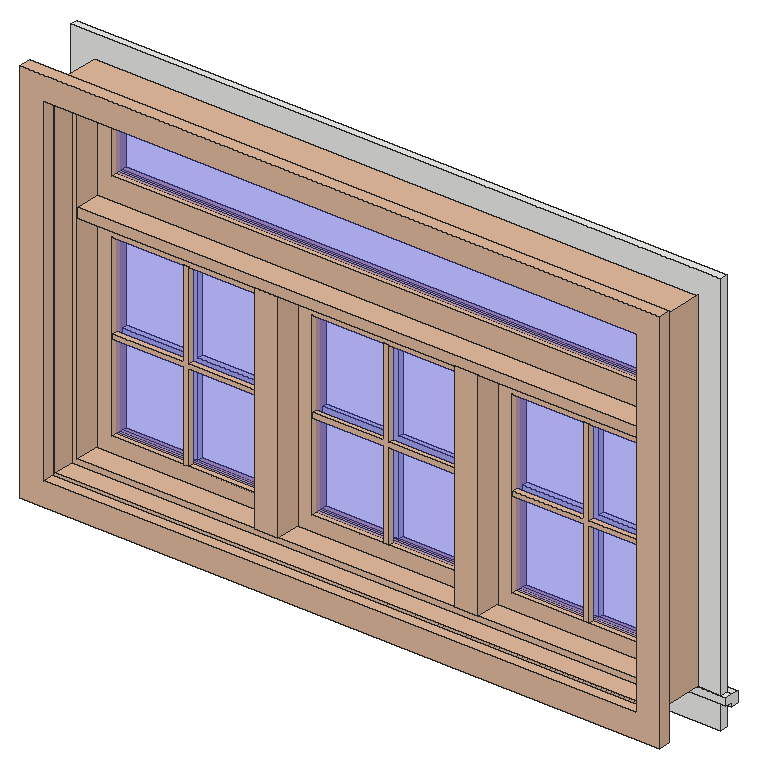
Revit family "M_Janela-batente-triplo-travessa", category Janelas, Revit 2019 (continued)
Definition of nested family "M_Plana-fixa_simples"
  Lines and regions (mm)
    symbolic lines
      curve 4: line (-600, -127, 0) -> (-587.3, -127, 0)
      curve 5: line (587.3, -127, 0) -> (600, -127, 0)
      curve 6: line (587.3, -127, 0) -> (-587.3, -127, 0)
      curve 7: line (0, -38.1, 887.3) -> (0, -127, 887.3)
      curve 8: line (0, -127, 12.7) -> (0, -127, 887.3)
      curve 9: line (0, -38.1, 12.7) -> (0, -127, 12.7)
      curve 10: line (0, -38.1, 900) -> (0, -38.1, 887.3)
      curve 11: line (0, -60.325, 12.7) -> (0, -60.325, 887.3)
      curve 12: line (587.3, -38.1, 0) -> (600, -38.1, 0)
      curve 13: line (-587.3, -38.1, 0) -> (-600, -38.1, 0)
      curve 14: line (0, -38.1, 12.7) -> (0, -38.1, 0)
      curve 15: line (-587.3, -38.1, 0) -> (587.3, -38.1, 0)
      curve 16: line (0, -38.1, 12.7) -> (0, -38.1, 887.3)
      curve 17: line (0, -127, 12.7) -> (0, -127, 0)
      curve 18: line (0, -127, 887.3) -> (0, -127, 900)
    symbolic lines, visible <- "Linha à esquerda"
      curve 19: line (-600, 0, 0) -> (-600, -150, 0)
    symbolic lines, visible <- "Linha à direita"
      curve 20: line (600, 0, 0) -> (600, -150, 0)
    symbolic lines, visible <- "Linha superior"
      curve 21: line (0, 0, 900) -> (0, -150, 900)
    symbolic lines, visible <- "Linha inferior"
      curve 22: line (0, 0, 0) -> (0, -150, 0)
  Dimensions and locks
    "Width": plane 4 to plane 5
    equal spacing: plane 4, plane 3 "Centro (Esquerda/Direita)", plane 5
    locked: plane 4 to plane 7 at 12.7
    equal spacing: plane 8, plane 10, plane 9
    locked: plane 5 to plane 11 at 12.7
    locked: plane 8 to plane 12 "Janela aplicada" at 12.7
    locked: plane 8 to plane 9 at 44.45
    "Espessura da parede": plane 13 "Parede" to plane 1 "Centro (Frente/Trás)"
    "Height": plane 14 to plane 2
    locked: plane 14 to plane 15 at 12.7
    locked: plane 16 to plane 2 at 12.7
    locked: plane 15 to plane 17 at 19.05
    locked: plane 18 to plane 16 at 19.05
    locked: plane 15 to plane 19 at 57.15
    locked: plane 20 to plane 16 at 57.15
    locked: plane 9 to plane 6 "Umbral" at 44.45
    "Janela aplicada de 3D": plane 8 to plane 1 "Centro (Frente/Trás)"
    aligned and locked: plane 2 to level
    aligned and locked: Masking region 1 sketch curve to plane 13 "Parede"
    aligned and locked: curve 4 to plane 6 "Umbral"
    aligned and locked: curve 5 to plane 6 "Umbral"
    aligned and locked: plane 1 "Centro (Frente/Trás)" to Masking region 1 sketch curve  (x2)
    aligned and locked: plane 13 "Parede" to Masking region 2 sketch curve  (x2)
    aligned and locked: plane 6 "Umbral" to curve 8
    aligned and locked: plane 15 to curve 7
    aligned and locked: plane 16 to curve 9
    aligned and locked: curve 10 to plane 8
    aligned and locked: plane 10 to curve 11
    aligned and locked: plane 5 to curve 12
    aligned and locked: plane 14 to curve 10
    aligned and locked: plane 8 to curve 7
    aligned and locked: plane 4 to curve 13
    aligned and locked: plane 8 to curve 14
    aligned and locked: plane 2 to curve 14
    aligned and locked: curve 1 to plane 7
    aligned and locked: plane 11 to curve 3
    aligned and locked: curve 15 to plane 8
    aligned and locked: curve 18 to plane 6 "Umbral"
    aligned and locked: plane 4 to Masking region 1 sketch curve
    aligned and locked: Masking region 1 sketch curve to plane 5
    aligned and locked: plane 14 to Masking region 2 sketch curve
    aligned and locked: Masking region 2 sketch curve to plane 2
    aligned and locked: plane 13 "Parede" to Masking region 1 sketch curve
    aligned and locked: plane 1 "Centro (Frente/Trás)" to curve 19
    aligned and locked: plane 13 "Parede" to curve 19
    aligned and locked: curve 19 to plane 4
    aligned and locked: plane 1 "Centro (Frente/Trás)" to curve 20
    aligned and locked: plane 13 "Parede" to curve 20
    aligned and locked: curve 20 to plane 5
    aligned and locked: plane 1 "Centro (Frente/Trás)" to Masking region 2 sketch curve
    aligned and locked: plane 1 "Centro (Frente/Trás)" to curve 21
    aligned and locked: plane 13 "Parede" to curve 21
    aligned and locked: curve 21 to plane 14
    aligned and locked: plane 1 "Centro (Frente/Trás)" to curve 22
    aligned and locked: plane 13 "Parede" to curve 22
    aligned and locked: curve 22 to plane 2
  Automatic sketch dimensions
    curve 2 to plane 10 = 0 mm
Types in the file's own list only (14): name | Um terceiro da largura | Transmissão de luz visual | Resistência térmica (R) | Coeficiente de ganho de calor solar | Largura do caixilho | Largura bruta | Altura bruta | Altura da janela aberta | Largura do montante | Visibilidade do montante lateral | Padrão do montante | Altura do montante | Visibilidade do montante central | Altura | Coeficiente de transferência de calor (U) | Largura
  1550 x 1050mm | 517 mm | 0.81 | 0.3196 (m²·K)/W | 0.76 | 496 mm | 1565 mm | 1065 mm | 750 mm | 381 mm | Sim | M_Padrão do montante_2x2 | 623 mm | Sim | 1050 mm | 3.1293 W/(m²·K) | 1550 mm
  1550 x 1200mm | 517 mm | 0.81 | 0.3196 (m²·K)/W | 0.76 | 496 mm | 1565 mm | 1215 mm | 900 mm | 381 mm | Sim | M_Padrão do montante_2x2 | 773 mm | Sim | 1200 mm | 3.1293 W/(m²·K) | 1550 mm
  1550 x 1350mm | 517 mm | 0.81 | 0.3196 (m²·K)/W | 0.76 | 496 mm | 1565 mm | 1365 mm | 1050 mm | 381 mm | Sim | M_Padrão do montante_2x2 | 923 mm | Sim | 1350 mm | 3.1293 W/(m²·K) | 1550 mm
  1550 x 1500mm | 517 mm | 0.81 | 0.3196 (m²·K)/W | 0.76 | 496 mm | 1565 mm | 1515 mm | 1200 mm | 381 mm | Sim | M_Padrão do montante_2x2 | 1073 mm | Sim | 1500 mm | 3.1293 W/(m²·K) | 1550 mm
  1800 x 900mm | 600 mm | 0.81 | 0.3196 (m²·K)/W | 0.76 | 579 mm | 1815 mm | 915 mm | 600 mm | 465 mm | Sim | M_Padrão do montante_2x2 | 473 mm | Sim | 900 mm | 3.1293 W/(m²·K) | 1800 mm
  1800 x 1050mm | 600 mm | 0.81 | 0.3196 (m²·K)/W | 0.76 | 579 mm | 1815 mm | 1065 mm | 750 mm | 465 mm | Sim | M_Padrão do montante_2x2 | 623 mm | Sim | 1050 mm | 3.1293 W/(m²·K) | 1800 mm
  1800 x 1200mm | 600 mm | 0.81 | 0.3196 (m²·K)/W | 0.76 | 579 mm | 1815 mm | 1215 mm | 900 mm | 465 mm | Sim | M_Padrão do montante_2x2 | 773 mm | Sim | 1200 mm | 3.1293 W/(m²·K) | 1800 mm
  1800 x 1350mm | 600 mm | 0.81 | 0.3196 (m²·K)/W | 0.76 | 579 mm | 1815 mm | 1365 mm | 1050 mm | 465 mm | Sim | M_Padrão do montante_2x2 | 923 mm | Sim | 1350 mm | 3.1293 W/(m²·K) | 1800 mm
  1800 x 1500mm | 600 mm | 0.81 | 0.3196 (m²·K)/W | 0.76 | 579 mm | 1815 mm | 1515 mm | 1200 mm | 465 mm | Sim | M_Padrão do montante_2x2 | 1073 mm | Sim | 1500 mm | 3.1293 W/(m²·K) | 1800 mm
  2150 x 900mm | 717 mm | 0.81 | 0.3196 (m²·K)/W | 0.76 | 696 mm | 2165 mm | 915 mm | 600 mm | 581 mm | Sim | M_Padrão do montante_2x2 | 473 mm | Sim | 900 mm | 3.1293 W/(m²·K) | 2150 mm
  2150 x 1050mm | 717 mm | 0.81 | 0.3196 (m²·K)/W | 0.76 | 696 mm | 2165 mm | 1065 mm | 750 mm | 581 mm | Sim | M_Padrão do montante_2x2 | 623 mm | Sim | 1050 mm | 3.1293 W/(m²·K) | 2150 mm
  2150 x 1200mm | 717 mm | 0.81 | 0.3196 (m²·K)/W | 0.76 | 696 mm | 2165 mm | 1215 mm | 900 mm | 581 mm | Sim | M_Padrão do montante_2x2 | 773 mm | Sim | 1200 mm | 3.1293 W/(m²·K) | 2150 mm
  2150 x 1350mm | 717 mm | 0.81 | 0.3196 (m²·K)/W | 0.76 | 696 mm | 2165 mm | 1365 mm | 1050 mm | 581 mm | Sim | M_Padrão do montante_2x2 | 923 mm | Sim | 1350 mm | 3.1293 W/(m²·K) | 2150 mm
  2150 x 1500mm | 717 mm | 0.81 | 0.3196 (m²·K)/W | 0.76 | 696 mm | 2165 mm | 1515 mm | 1200 mm | 581 mm | Sim | M_Padrão do montante_2x2 | 1073 mm | Sim | 1500 mm | 3.1293 W/(m²·K) | 2150 mm
